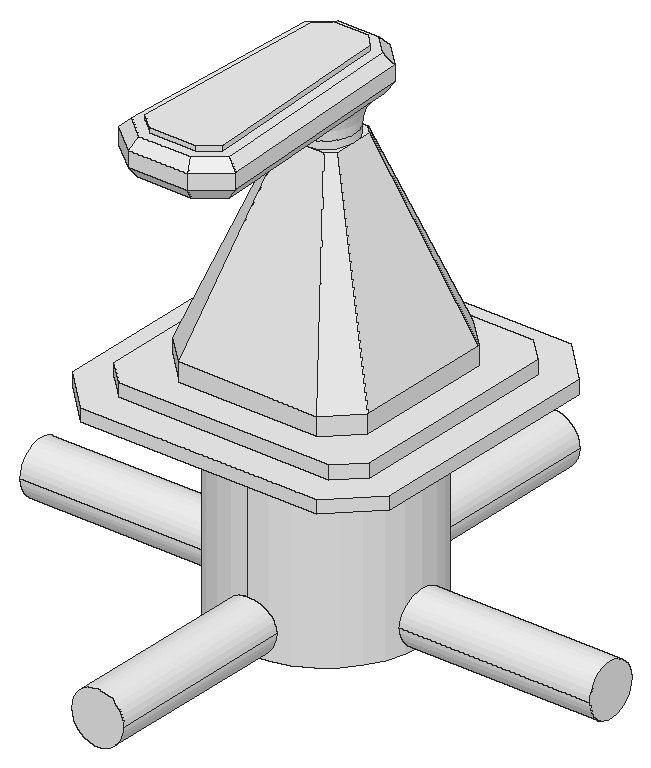
Revit family "Diverter_Valve_Trim-DXV-Belshire-D35170434_Series", category Plumbing Fixtures, host Face, Revit 2019
Family settings
  Host = Face
  Round Connector Dimension = Use Diameter
  Part Type = Normal
  OmniClass Number = 23.45.05.14.17
  OmniClass Title = Showers
  Cut with Voids When Loaded = No
  Shared = Yes
  Room Calculation Point = No
Parameters (values of type "D35170430.100")
  Width = 3"
  Waste Connection = no
  Warranty Information = "Limited Lifetime Warranty"
  WFU = 4
  Vent Connection = no
  URL = "https://www.dxv.com/en"
  Type Comments = ""
  Tempered Water Connection Radius = 1/4"
  Tempered Water Connection Diameter = Tempered Water Connection Radius * 2  # 1/2"
  Tempered Water Connection = yes
  Product Page URL = "https://www.dxv.com/diverters-other-valves-and-trims/belshire-3-2-or-4-3-diverter-valve-trim-only-with-cross-handle/polished-chrome-d35170434100"
  Product Documentation Link = "https://lixil.cdn.celum.cloud/145218_spec_DXV_Belshire_32-43_diverter_D3517043X_original.pdf"
  Model = "D35170430.100"
  Material = "Cast Brass-DXV-100-Polished Chrome"
  Manufacturer = "DXV"
  Lever Handle (ADA) = yes
  Installation Type = "Wall Mounted"
  Hot Water Connection Radius = 1/4"
  Hot Water Connection Diameter = Hot Water Connection Radius * 2  # 1/2"
  Height = 3 1/16"
  HWFU = 3
  HW Connection = yes
  Finish = Cast Brass-DXV-100-Polished Chrome
  Description = "Belshire® 3/2 or 4/3 Diverter Valve Trim Only with Cross Handle"  # constant formula
  Default Elevation = 48"
  Cushion Handle = no
  Cross Handle = no
  Creation Date = "05/24/2024"  # constant formula
  Compliance Certifications = "Meets or Exceeds ASME A112.18.1/CSA B125.1"
  Cold Water Connection Radius = 1/4"
  Cold Water Connection Diameter = Cold Water Connection Radius * 2  # 1/2"
  CWFU = 3
  CW Connection = yes
  Assembly Code = "D2010710"
  ADA Compliant = yes
  4/3 Port Diverter Rough Valve Only  D35000430.191 = no
  3/2 Port Diverter Rough Valve Only  D35000420.191 = no
Types (13): name | Model | Material | Lever Handle (ADA) | Finish | Cushion Handle | Cross Handle
  (no name) | "D35170430.100" | "Cast Brass-DXV-100-Polished Chrome" | yes | Cast Brass-DXV-100-Polished Chrome | no | no
  D35170430.100 | "D35170430.100" | "Cast Brass-DXV-100-Polished Chrome" | yes | Cast Brass-DXV-100-Polished Chrome | no | no
  D35170430.144 | "D35170430.144" | "Cast Brass-DXV-144-Brushed Nickel" | yes | Cast Brass-DXV-144-Brushed Nickel | no | no
  D35170430.150 | "D35170430.150" | "Cast Brass-DXV-150-Platinum Nickel" | yes | Cast Brass-DXV-150-Platinum Nickel | no | no
  D35170430.427 | "D35170430.427" | "Cast Brass-DXV-427-Satin Brass" | yes | Cast Brass-DXV-427-Satin Brass | no | no
  D35170434.100 | "D35170434.100" | "Cast Brass-DXV-100-Polished Chrome" | no | Cast Brass-DXV-100-Polished Chrome | no | yes
  D35170434.144 | "D35170434.144" | "Cast Brass-DXV-144-Brushed Nickel" | no | Cast Brass-DXV-144-Brushed Nickel | no | yes
  D35170434.150 | "D35170434.150" | "Cast Brass-DXV-150-Platinum Nickel" | no | Cast Brass-DXV-150-Platinum Nickel | no | yes
  D35170434.427 | "D35170434.427" | "Cast Brass-DXV-427-Satin Brass" | no | Cast Brass-DXV-427-Satin Brass | no | yes
  D35170437.100 | "D35170437.100" | "Cast Brass-DXV-100-Polished Chrome" | no | Cast Brass-DXV-100-Polished Chrome | yes | no
  D35170437.144 | "D35170437.144" | "Cast Brass-DXV-144-Brushed Nickel" | no | Cast Brass-DXV-144-Brushed Nickel | yes | no
  D35170437.150 | "D35170437.150" | "Cast Brass-DXV-150-Platinum Nickel" | no | Cast Brass-DXV-150-Platinum Nickel | yes | no
  D35170437.427 | "D35170437.427" | "Cast Brass-DXV-427-Satin Brass" | no | Cast Brass-DXV-427-Satin Brass | yes | no
Reference planes (in)
  plane 1 "Center (Front/Back)": y = 0
  plane 2: z = 0
  plane 3 "Center (Left/Right)": x = 0
  plane 4: z = 3
  plane 5: z = 0.68917
  plane 6: z = 2.23712
  plane 7: z = 2.60963
  plane 8: z = 2.95747
  plane 9: z = -1.625
  plane 10: y = 1.53125
  plane 11: y = -1.53125
  plane 12: x = -1.53125
  plane 13: x = 1.53125
  plane 14: y = -1.375
  plane 15: y = 1.375
  plane 16: y = -0.8125
  plane 17: y = 0.8125
Forms (in)
  Extrusion 1, solid, material "Cast Brass-DXV-100-Polished Chrome" <- "Finish"
    sketch origin (0, 0, 0) x (1, 0, 0) y (0, 1, 0)
      loop
        line (-0.66851, 0.93943) -> (-0.9375, 0.67043) -> (-0.9375, -0.67043) -> (-0.66851, -0.93943) -> (0.66851, -0.93943) -> (0.9375, -0.67043) -> (0.9375, 0.67043) -> (0.66851, 0.93943) -> (-0.66851, 0.93943)
    from 0.125 to 0.42
  Blend 2, solid, material "Cast Brass-DXV-100-Polished Chrome" <- "Finish"
    base sketch origin (0, 0, 0) x (1, 0, 0) y (0, 1, 0)
      loop
        line (-0.66851, 0.93943) -> (-0.9375, 0.67043) -> (-0.9375, -0.67043) -> (-0.66851, -0.93943) -> (0.66851, -0.93943) -> (0.9375, -0.67043) -> (0.9375, 0.67043) -> (0.66851, 0.93943) -> (-0.66851, 0.93943)
    top sketch origin (0, 0, 0) x (1, 0, 0) y (0, 1, 0)
      loop
        line (-0.19279, 0.27092) -> (-0.27036, 0.19335) -> (-0.27036, -0.19335) -> (-0.19279, -0.27092) -> (0.19279, -0.27092) -> (0.27036, -0.19335) -> (0.27036, 0.19335) -> (0.19279, 0.27092) -> (-0.19279, 0.27092)
    from 0.42 to 2.23712
  Revolve 3, solid, material "Cast Brass-DXV-100-Polished Chrome" <- "Finish", visible <- "Cross Handle"
    sketch origin (0, 0, 0) x (0, 1, 0) y (0, 0, 1)
      loop
        line (0, 2.23712) -> (0.27092, 2.23712) -> (0.27092, 2.30907)
        arc (0.27092, 2.30907) -> (0.30443, 2.47254) -> (0.39956, 2.60963) r 0.41545
        line (0.39956, 2.60963) -> (0, 2.60963) -> (0, 2.23712)
      axis (0, 2.23712) -> (0, 2.60963)
    angle from 0 to 360
  Extrusion 4, solid, material "Cast Brass-DXV-100-Polished Chrome" <- "Finish"
    sketch origin (0, 0, 0) x (0, 1, 0) y (0, 0, 1)
      loop
        circle (0, -1.625) r 0.25
    from -2.75 to 2.75
  Extrusion 5, solid, material "Cast Brass-DXV-100-Polished Chrome" <- "Finish"
    sketch origin (0, 0, 0) x (1, 0, 0) y (0, 0, 1)
      loop
        circle (0, -1.625) r 0.25
    from -2.75 to 2.75
  Extrusion 6, solid, material "Cast Brass-DXV-100-Polished Chrome" <- "Finish", visible <- "Cross Handle"
    sketch origin (0, 0, 0) x (1, 0, 0) y (0, 1, 0)
      loop
        line (1.375, -0.16246) -> (1.375, 0.16246) -> (1.11959, 0.35493) -> (0.36438, 0.27882)
        arc (0.36438, 0.27882) -> (0.30131, 0.30131) -> (0.27882, 0.36438) r 0.07813
        line (0.27882, 0.36438) -> (0.35493, 1.11959) -> (0.16246, 1.375) -> (-0.16246, 1.375) -> (-0.35493, 1.11959) -> (-0.27882, 0.36438)
        arc (-0.27882, 0.36438) -> (-0.30131, 0.30131) -> (-0.36438, 0.27882) r 0.07813
        line (-0.36438, 0.27882) -> (-1.11959, 0.35493) -> (-1.375, 0.16246) -> (-1.375, -0.16246) -> (-1.11959, -0.35493) -> (-0.36438, -0.27882)
        arc (-0.36438, -0.27882) -> (-0.30131, -0.30131) -> (-0.27882, -0.36438) r 0.07813
        line (-0.27882, -0.36438) -> (-0.35493, -1.11959) -> (-0.16246, -1.375) -> (0.16246, -1.375) -> (0.35493, -1.11959) -> (0.27882, -0.36438)
        arc (0.27882, -0.36438) -> (0.30131, -0.30131) -> (0.36438, -0.27882) r 0.07813
        line (0.36438, -0.27882) -> (1.11959, -0.35493) -> (1.375, -0.16246)
    from 2.60963 to 2.95747
  Sweep 7, void
    path in 3D
      loop
        line (-0.16246, 1.375, 2.95747) -> (-0.35493, 1.11959, 2.95747) -> (-0.27882, 0.36438, 2.95747)
        arc (-0.27882, 0.36438, 2.95747) -> (-0.30131, 0.30131, 2.95747) -> (-0.36438, 0.27882, 2.95747) r 0.07813
        line (-0.36438, 0.27882, 2.95747) -> (-1.11959, 0.35493, 2.95747) -> (-1.375, 0.16246, 2.95747) -> (-1.375, -0.16246, 2.95747) -> (-1.11959, -0.35493, 2.95747) -> (-0.36438, -0.27882, 2.95747)
        arc (-0.36438, -0.27882, 2.95747) -> (-0.30131, -0.30131, 2.95747) -> (-0.27882, -0.36438, 2.95747) r 0.07813
        line (-0.27882, -0.36438, 2.95747) -> (-0.35493, -1.11959, 2.95747) -> (-0.16246, -1.375, 2.95747) -> (0.16246, -1.375, 2.95747) -> (0.35493, -1.11959, 2.95747) -> (0.27882, -0.36438, 2.95747)
        arc (0.27882, -0.36438, 2.95747) -> (0.30131, -0.30131, 2.95747) -> (0.36438, -0.27882, 2.95747) r 0.07813
        line (0.36438, -0.27882, 2.95747) -> (1.11959, -0.35493, 2.95747) -> (1.375, -0.16246, 2.95747) -> (1.375, 0.16246, 2.95747) -> (1.11959, 0.35493, 2.95747) -> (0.36438, 0.27882, 2.95747)
        arc (0.36438, 0.27882, 2.95747) -> (0.30131, 0.30131, 2.95747) -> (0.27882, 0.36438, 2.95747) r 0.07813
        line (0.27882, 0.36438, 2.95747) -> (0.35493, 1.11959, 2.95747) -> (0.16246, 1.375, 2.95747) -> (-0.16246, 1.375, 2.95747)
    profile origin (0, 1.375, 2.95747) x (0, -1, 0) y (0, 0, 1)
      loop
        line (0, 0) -> (0, -0.08669) -> (0.08084, 0) -> (0, 0)
  Sweep 8, void
    path in 3D
      loop
        line (0.16246, 1.375, 2.60963) -> (0.35493, 1.11959, 2.60963) -> (0.27882, 0.36438, 2.60963)
        arc (0.27882, 0.36438, 2.60963) -> (0.30131, 0.30131, 2.60963) -> (0.36438, 0.27882, 2.60963) r 0.07813
        line (0.36438, 0.27882, 2.60963) -> (1.11959, 0.35493, 2.60963) -> (1.375, 0.16246, 2.60963) -> (1.375, -0.16246, 2.60963) -> (1.11959, -0.35493, 2.60963) -> (0.36438, -0.27882, 2.60963)
        arc (0.36438, -0.27882, 2.60963) -> (0.30131, -0.30131, 2.60963) -> (0.27882, -0.36438, 2.60963) r 0.07813
        line (0.27882, -0.36438, 2.60963) -> (0.35493, -1.11959, 2.60963) -> (0.16246, -1.375, 2.60963) -> (-0.16246, -1.375, 2.60963) -> (-0.35493, -1.11959, 2.60963) -> (-0.27882, -0.36438, 2.60963)
        arc (-0.27882, -0.36438, 2.60963) -> (-0.30131, -0.30131, 2.60963) -> (-0.36438, -0.27882, 2.60963) r 0.07813
        line (-0.36438, -0.27882, 2.60963) -> (-1.11959, -0.35493, 2.60963) -> (-1.375, -0.16246, 2.60963) -> (-1.375, 0.16246, 2.60963) -> (-1.11959, 0.35493, 2.60963) -> (-0.36438, 0.27882, 2.60963)
        arc (-0.36438, 0.27882, 2.60963) -> (-0.30131, 0.30131, 2.60963) -> (-0.27882, 0.36438, 2.60963) r 0.07813
        line (-0.27882, 0.36438, 2.60963) -> (-0.35493, 1.11959, 2.60963) -> (-0.16246, 1.375, 2.60963) -> (0.16246, 1.375, 2.60963)
    profile origin (0, 1.375, 2.60963) x (0, -1, 0) y (0, 0, -1)
      loop
        line (0, 0) -> (0, -0.10246) -> (0.05916, 0) -> (0, 0)
  Extrusion 9, solid, material "Cast Brass-DXV-100-Polished Chrome" <- "Finish", visible <- "Cross Handle"
    sketch origin (0, 0, 0) x (1, 0, 0) y (0, 1, 0)
      loop
        line (-0.17437, 1.0691) -> (-0.10511, 0.38189)
        arc (-0.10511, 0.38189) -> (-0.17785, 0.17785) -> (-0.38189, 0.10511) r 0.25272
        line (-0.38189, 0.10511) -> (-1.0691, 0.17437) -> (-1.20041, 0.07542) -> (-1.20041, -0.07542) -> (-1.0691, -0.17437) -> (-0.38189, -0.10511)
        arc (-0.38189, -0.10511) -> (-0.17785, -0.17785) -> (-0.10511, -0.38189) r 0.25272
        line (-0.10511, -0.38189) -> (-0.17437, -1.0691) -> (-0.07542, -1.20041) -> (0.07542, -1.20041) -> (0.17437, -1.0691) -> (0.10511, -0.38189)
        arc (0.10511, -0.38189) -> (0.17785, -0.17785) -> (0.38189, -0.10511) r 0.25272
        line (0.38189, -0.10511) -> (1.0691, -0.17437) -> (1.20041, -0.07542) -> (1.20041, 0.07542) -> (1.0691, 0.17437) -> (0.38189, 0.10511)
        arc (0.38189, 0.10511) -> (0.17785, 0.17785) -> (0.10511, 0.38189) r 0.25272
        line (0.10511, 0.38189) -> (0.17437, 1.0691) -> (0.07542, 1.20041) -> (-0.07542, 1.20041) -> (-0.17437, 1.0691)
    from 2.95747 to 3
  Revolve 10, solid, material "Cast Brass-DXV-100-Polished Chrome" <- "Finish"
    sketch origin (0, 0, 0) x (0, 1, 0) y (0, 0, 1)
      loop
        line (0.93943, 0) -> (0, 0) -> (0, -1.875) -> (0.93943, -1.875) -> (0.93943, 0)
      axis (0, 0) -> (0, -1.875)
    angle from 0 to 360
  Sweep 11, solid, material "Cast Brass-DXV-100-Polished Chrome" <- "Finish"
    path origin (0, 0, 0) x (1, 0, 0) y (0, 1, 0)
      loop
        line (-1.13734, 1.53125) -> (-1.53125, 1.13734) -> (-1.53125, -1.13734) -> (-1.13734, -1.53125) -> (1.13734, -1.53125) -> (1.53125, -1.13734) -> (1.53125, 1.13734) -> (1.13734, 1.53125) -> (-1.13734, 1.53125)
    profile origin (0, 1.53125, 0) x (0, 1, 0) y (0, 0, 1)
      loop
        line (0, 0) -> (0, 0.125) -> (-0.29591, 0.125) -> (-0.29591, 0.25) -> (-0.64345, 0.25) -> (-0.64345, 0) -> (0, 0)
  Extrusion 12, solid, material "Cast Brass-DXV-100-Polished Chrome" <- "Finish"
    sketch origin (0, 0, 0) x (1, 0, 0) y (0, 1, 0)
      loop
        line (0.8878, -0.8878) -> (0.8878, 0.8878) -> (-0.8878, 0.8878) -> (-0.8878, -0.8878) -> (0.8878, -0.8878)
    from 0 to 0.25
  Revolve 13, solid, material "Cast Brass-DXV-100-Polished Chrome" <- "Finish", visible <- "Lever Handle (ADA)"
    sketch origin (0, 0, 0) x (0, 1, 0) y (0, 0, 1)
      loop
        line (0, 2.23712) -> (0.27092, 2.23712) -> (0.27092, 2.30907)
        arc (0.27092, 2.30907) -> (0.30443, 2.47254) -> (0.39956, 2.60963) r 0.41545
        line (0.39956, 2.60963) -> (0, 2.60963) -> (0, 2.23712)
      axis (0, 2.23712) -> (0, 2.60963)
    angle from 0 to 360
  Extrusion 14, solid, material "Cast Brass-DXV-100-Polished Chrome" <- "Finish", visible <- "Lever Handle (ADA)"
    sketch origin (0, 0, 0) x (1, 0, 0) y (0, 1, 0)
      loop
        line (-0.46351, 0.25506) -> (-0.56122, -1.79105) -> (-0.28313, -2.0244) -> (0.28313, -2.0244) -> (0.56122, -1.79105) -> (0.46351, 0.25506) -> (0.23513, 0.4756) -> (-0.23513, 0.4756) -> (-0.46351, 0.25506)
    from 2.60963 to 2.95747
  Sweep 15, void
    path in 3D
      loop
        line (-0.23513, 0.4756, 2.95747) -> (-0.46351, 0.25506, 2.95747) -> (-0.56122, -1.79105, 2.95747) -> (-0.28313, -2.0244, 2.95747) -> (0.28313, -2.0244, 2.95747) -> (0.56122, -1.79105, 2.95747) -> (0.46351, 0.25506, 2.95747) -> (0.23513, 0.4756, 2.95747) -> (-0.23513, 0.4756, 2.95747)
    profile origin (0, 0.4756, 2.95747) x (0, -1, 0) y (0, 0, 1)
      loop
        line (0, 0) -> (0, -0.09397) -> (0.08461, 0) -> (0, 0)
  Sweep 16, void
    path in 3D
      loop
        line (0.23513, 0.4756, 2.60963) -> (0.46351, 0.25506, 2.60963) -> (0.56122, -1.79105, 2.60963) -> (0.28313, -2.0244, 2.60963) -> (-0.28313, -2.0244, 2.60963) -> (-0.56122, -1.79105, 2.60963) -> (-0.46351, 0.25506, 2.60963) -> (-0.23513, 0.4756, 2.60963) -> (0.23513, 0.4756, 2.60963)
    profile origin (0, 0.4756, 2.60963) x (0, -1, 0) y (0, 0, -1)
      loop
        line (0, 0) -> (0, -0.10467) -> (0.07605, 0) -> (0, 0)
  Extrusion 17, solid, material "Cast Brass-DXV-100-Polished Chrome" <- "Finish", visible <- "Lever Handle (ADA)"
    sketch origin (0, 0, 0) x (1, 0, 0) y (0, 1, 0)
      loop
        line (-0.28872, 0.17589) -> (-0.37884, -1.71125) -> (-0.21821, -1.84603) -> (0.21821, -1.84603) -> (0.37884, -1.71125) -> (0.28872, 0.17589) -> (0.16307, 0.29724) -> (-0.16307, 0.29724) -> (-0.28872, 0.17589)
    from 2.95747 to 3
  Revolve 18, solid, material "Cast Brass-DXV-100-Polished Chrome" <- "Finish", visible <- "Cushion Handle"
    sketch origin (0, 0, 0) x (0, 1, 0) y (0, 0, 1)
      loop
        line (0, 2.23712) -> (0.27092, 2.23712) -> (0.27092, 2.30907)
        arc (0.27092, 2.30907) -> (0.30443, 2.47254) -> (0.39956, 2.60963) r 0.41545
        line (0.39956, 2.60963) -> (0, 2.60963) -> (0, 2.23712)
      axis (0, 2.23712) -> (0, 2.60963)
    angle from 0 to 360
  Extrusion 19, solid, material "Cast Brass-DXV-100-Polished Chrome" <- "Finish", visible <- "Cushion Handle"
    sketch origin (0, 0, 0) x (1, 0, 0) y (0, 1, 0)
      loop
        line (-0.61131, 0.8125) -> (-0.8125, 0.61131) -> (-0.8125, -0.61131) -> (-0.61131, -0.8125) -> (0.61131, -0.8125) -> (0.8125, -0.61131) -> (0.8125, 0.61131) -> (0.61131, 0.8125) -> (-0.61131, 0.8125)
    from 2.60963 to 3
  Sweep 20, void
    path in 3D
      loop
        line (-0.61131, 0.8125, 3) -> (-0.8125, 0.61131, 3) -> (-0.8125, -0.61131, 3) -> (-0.61131, -0.8125, 3) -> (0.61131, -0.8125, 3) -> (0.8125, -0.61131, 3) -> (0.8125, 0.61131, 3) -> (0.61131, 0.8125, 3) -> (-0.61131, 0.8125, 3)
    profile origin (0, 0.8125, 3) x (0, -1, 0) y (0, 0, 1)
      loop
        line (0, 0) -> (0, -0.08852) -> (0.08255, 0) -> (0, 0)
  Sweep 21, void
    path in 3D
      loop
        line (0.61131, 0.8125, 2.60963) -> (0.8125, 0.61131, 2.60963) -> (0.8125, -0.61131, 2.60963) -> (0.61131, -0.8125, 2.60963) -> (-0.61131, -0.8125, 2.60963) -> (-0.8125, -0.61131, 2.60963) -> (-0.8125, 0.61131, 2.60963) -> (-0.61131, 0.8125, 2.60963) -> (0.61131, 0.8125, 2.60963)
    profile origin (0, 0.8125, 2.60963) x (0, -1, 0) y (0, 0, -1)
      loop
        line (0, 0) -> (0, -0.08785) -> (0.05072, 0) -> (0, 0)
  Extrusion 22, solid, material "Cast Brass-DXV-100-Polished Chrome" <- "Finish", visible <- "Cushion Handle"
    sketch origin (0, 0, 0) x (1, 0, 0) y (0, 1, 0)
      loop
        line (-0.48651, 0.5112) -> (-0.5112, 0.48651) -> (-0.5112, -0.48651) -> (-0.48651, -0.5112) -> (0.48651, -0.5112) -> (0.5112, -0.48651) -> (0.5112, 0.48651) -> (0.48651, 0.5112) -> (-0.48651, 0.5112)
    from 2.95747 to 3
Cuts and joins
  Sweep 7, Sweep 8 cuts Revolve 3
  Sweep 7, Sweep 8 cuts Extrusion 6
  joined: Revolve 3, Extrusion 6, Extrusion 9
  joined: Extrusion 1, Blend 2, Extrusion 4, Extrusion 5, Revolve 10
  joined: Sweep 11, Extrusion 12
  Sweep 15, Sweep 16 cuts Extrusion 14
  Sweep 20, Sweep 21 cuts Extrusion 19
Lines and regions (in)
  Masking region 1
    outline origin (0, 0, 0) x (1, 0, 0) y (0, 0, 1)
      loop
        line (-1.53125, 0) -> (1.53125, 0) -> (1.53125, 0.125) -> (1.23534, 0.125) -> (1.23534, 0.25) -> (0.9375, 0.25) -> (0.9375, 0.42) -> (0.27036, 2.23712)
        arc (0.27036, 2.23712) -> (0.29204, 2.43826) -> (0.39956, 2.60963) r 0.45042
        line (0.39956, 2.60963) -> (1.31584, 2.60963) -> (1.375, 2.71209) -> (1.375, 2.87078) -> (1.29416, 2.95747) -> (1.20041, 2.95747) -> (1.20041, 3) -> (-1.20041, 3) -> (-1.20041, 2.95747) -> (-1.29416, 2.95747) -> (-1.375, 2.87078) -> (-1.375, 2.71209) -> (-1.31584, 2.60963) -> (-0.39956, 2.60963)
        arc (-0.39956, 2.60963) -> (-0.29189, 2.43831) -> (-0.27036, 2.23712) r 0.44908
        line (-0.27036, 2.23712) -> (-0.9375, 0.42) -> (-0.9375, 0.25) -> (-1.23534, 0.25) -> (-1.23534, 0.125) -> (-1.53125, 0.125) -> (-1.53125, 0)
  Masking region 2, detail levels medium+fine
    outline origin (0, 0, 0) x (1, 0, 0) y (0, 0, 1)
      loop
        line (0.9375, -1.375) -> (0.9375, 0) -> (-0.9375, 0) -> (-0.9375, -1.375) -> (-2.75, -1.375) -> (-2.75, -1.875) -> (2.75, -1.875) -> (2.75, -1.375) -> (0.9375, -1.375)
  symbolic lines, detail levels medium+fine
    curve 1: line (0.27092, 0, 2.23712) -> (-0.27036, 0, 2.23712)
    curve 54: line (0.39956, 0, 2.60963) -> (-0.39956, 0, 2.60963)
    curve 55: line (1.20041, 0, 2.95747) -> (-1.20041, 0, 2.95747)
    curve 56: line (0.35493, 0, 2.87078) -> (0.27132, 0, 2.95747)
    curve 57: line (0.35493, 0, 2.71209) -> (0.35493, 0, 2.87078)
    curve 58: line (0.35493, 0, 2.71209) -> (0.29375, 0, 2.60963)
    curve 59: line (-0.35493, 0, 2.87078) -> (-0.27132, 0, 2.95747)
    curve 60: line (-0.35493, 0, 2.71209) -> (-0.35493, 0, 2.87078)
    curve 61: line (-0.35493, 0, 2.71209) -> (-0.29375, 0, 2.60963)
    curve 62: line (0.17437, 0, 2.95747) -> (0.17437, 0, 3)
    curve 63: line (-0.17437, 0, 2.95747) -> (-0.17437, 0, 3)
    curve 94: line (0.9375, 0, 0) -> (-0.9375, 0, 0)
    curve 127: line (0.9375, 0, 0.25) -> (-0.9375, 0, 0.25)
    curve 128: line (1.23534, 0, 0.125) -> (-1.23534, 0, 0.125)
  symbolic lines, detail levels fine
    curve 2: line (0.66851, 0, 0.42) -> (0.66851, 0, 0.25)
    curve 3: line (-0.66851, 0, 0.25) -> (-0.66851, 0, 0.42)
    curve 4: line (0.66851, 0, 0.42) -> (0.19279, 0, 2.23712)
    curve 5: line (-0.66851, 0, 0.42) -> (-0.19279, 0, 2.23712)
    curve 64: line (1.0691, 0, 2.95747) -> (1.0691, 0, 3)
    curve 65: line (0.07542, 0, 2.95747) -> (0.07542, 0, 3)
    curve 66: line (-0.07542, 0, 2.95747) -> (-0.07542, 0, 3)
    curve 67: line (-1.0691, 0, 2.95747) -> (-1.0691, 0, 3)
    curve 68: line (1.11959, 0, 2.87078) -> (1.09621, 0, 2.95747)
    curve 69: line (1.11959, 0, 2.71209) -> (1.11959, 0, 2.87078)
    curve 70: line (1.11959, 0, 2.71209) -> (1.10248, 0, 2.60963)
    curve 71: line (0.16246, 0, 2.87078) -> (0.12216, 0, 2.95747)
    curve 72: line (0.16246, 0, 2.71209) -> (0.16246, 0, 2.87078)
    curve 73: line (0.13297, 0, 2.60963) -> (0.16246, 0, 2.71209)
    curve 74: line (-0.12216, 0, 2.95747) -> (-0.16246, 0, 2.87078)
    curve 75: line (-0.16246, 0, 2.71209) -> (-0.16246, 0, 2.87078)
    curve 76: line (-0.16246, 0, 2.71209) -> (-0.13297, 0, 2.60963)
    curve 77: line (-1.11959, 0, 2.87078) -> (-1.09621, 0, 2.95747)
    curve 78: line (-1.11959, 0, 2.71209) -> (-1.11959, 0, 2.87078)
    curve 79: line (-1.11959, 0, 2.71209) -> (-1.10248, 0, 2.60963)
    curve 80: line (-1.11959, 0, 2.71209) -> (-1.375, 0, 2.71209)
    curve 81: line (-1.375, 0, 2.87078) -> (-1.11959, 0, 2.87078)
    curve 82: line (-1.11959, 0, 2.87078) -> (-0.35493, 0, 2.87078)
    curve 83: line (-0.35493, 0, 2.71209) -> (-1.11959, 0, 2.71209)
    curve 84: line (1.11959, 0, 2.87078) -> (1.375, 0, 2.87078)
    curve 85: line (1.375, 0, 2.71209) -> (1.11959, 0, 2.71209)
    curve 86: line (0.35493, 0, 2.87078) -> (1.11959, 0, 2.87078)
    curve 87: line (1.11959, 0, 2.71209) -> (0.35493, 0, 2.71209)
    curve 88: line (0.16246, 0, 2.87078) -> (0.35493, 0, 2.87078)
    curve 89: line (-0.16246, 0, 2.87078) -> (0.16246, 0, 2.87078)
    curve 90: line (-0.35493, 0, 2.87078) -> (-0.16246, 0, 2.87078)
    curve 91: line (-0.16246, 0, 2.71209) -> (-0.35493, 0, 2.71209)
    curve 92: line (0.16246, 0, 2.71209) -> (-0.16246, 0, 2.71209)
    curve 93: line (0.35493, 0, 2.71209) -> (0.16246, 0, 2.71209)
  sketch lines
    curve 6: line (0.16246, 1.375, 2.95747) -> (-0.16246, 1.375, 2.95747)
    curve 7: line (0.35493, 1.11959, 2.95747) -> (0.16246, 1.375, 2.95747)
    curve 8: line (0.27882, 0.36438, 2.95747) -> (0.35493, 1.11959, 2.95747)
    curve 9: arc (0.27882, 0.36438, 2.95747) -> (0.30131, 0.30131, 2.95747) -> (0.36438, 0.27882, 2.95747) r 0.07813
    curve 10: line (1.11959, 0.35493, 2.95747) -> (0.36438, 0.27882, 2.95747)
    curve 11: line (1.375, 0.16246, 2.95747) -> (1.11959, 0.35493, 2.95747)
    curve 12: line (1.375, -0.16246, 2.95747) -> (1.375, 0.16246, 2.95747)
    curve 13: line (1.11959, -0.35493, 2.95747) -> (1.375, -0.16246, 2.95747)
    curve 14: line (0.36438, -0.27882, 2.95747) -> (1.11959, -0.35493, 2.95747)
    curve 15: arc (0.36438, -0.27882, 2.95747) -> (0.30131, -0.30131, 2.95747) -> (0.27882, -0.36438, 2.95747) r 0.07813
    curve 16: line (0.35493, -1.11959, 2.95747) -> (0.27882, -0.36438, 2.95747)
    curve 17: line (0.16246, -1.375, 2.95747) -> (0.35493, -1.11959, 2.95747)
    curve 18: line (-0.16246, -1.375, 2.95747) -> (0.16246, -1.375, 2.95747)
    curve 19: line (-0.35493, -1.11959, 2.95747) -> (-0.16246, -1.375, 2.95747)
    curve 20: line (-0.27882, -0.36438, 2.95747) -> (-0.35493, -1.11959, 2.95747)
    curve 21: arc (-0.27882, -0.36438, 2.95747) -> (-0.30131, -0.30131, 2.95747) -> (-0.36438, -0.27882, 2.95747) r 0.07813
    curve 22: line (-1.11959, -0.35493, 2.95747) -> (-0.36438, -0.27882, 2.95747)
    curve 23: line (-1.375, -0.16246, 2.95747) -> (-1.11959, -0.35493, 2.95747)
    curve 24: line (-1.375, 0.16246, 2.95747) -> (-1.375, -0.16246, 2.95747)
    curve 25: line (-1.11959, 0.35493, 2.95747) -> (-1.375, 0.16246, 2.95747)
    curve 26: line (-0.36438, 0.27882, 2.95747) -> (-1.11959, 0.35493, 2.95747)
    curve 27: arc (-0.36438, 0.27882, 2.95747) -> (-0.30131, 0.30131, 2.95747) -> (-0.27882, 0.36438, 2.95747) r 0.07813
    curve 28: line (-0.35493, 1.11959, 2.95747) -> (-0.27882, 0.36438, 2.95747)
    curve 29: line (-0.16246, 1.375, 2.95747) -> (-0.35493, 1.11959, 2.95747)
    curve 30: line (-0.16246, 1.375, 2.60963) -> (0.16246, 1.375, 2.60963)
    curve 31: line (0.16246, 1.375, 2.60963) -> (0.35493, 1.11959, 2.60963)
    curve 32: line (0.35493, 1.11959, 2.60963) -> (0.27882, 0.36438, 2.60963)
    curve 33: arc (0.36438, 0.27882, 2.60963) -> (0.30131, 0.30131, 2.60963) -> (0.27882, 0.36438, 2.60963) r 0.07813
    curve 34: line (0.36438, 0.27882, 2.60963) -> (1.11959, 0.35493, 2.60963)
    curve 35: line (1.11959, 0.35493, 2.60963) -> (1.375, 0.16246, 2.60963)
    curve 36: line (1.375, 0.16246, 2.60963) -> (1.375, -0.16246, 2.60963)
    curve 37: line (1.375, -0.16246, 2.60963) -> (1.11959, -0.35493, 2.60963)
    curve 38: line (1.11959, -0.35493, 2.60963) -> (0.36438, -0.27882, 2.60963)
    curve 39: arc (0.27882, -0.36438, 2.60963) -> (0.30131, -0.30131, 2.60963) -> (0.36438, -0.27882, 2.60963) r 0.07813
    curve 40: line (0.27882, -0.36438, 2.60963) -> (0.35493, -1.11959, 2.60963)
    curve 41: line (0.35493, -1.11959, 2.60963) -> (0.16246, -1.375, 2.60963)
    curve 42: line (0.16246, -1.375, 2.60963) -> (-0.16246, -1.375, 2.60963)
    curve 43: line (-0.16246, -1.375, 2.60963) -> (-0.35493, -1.11959, 2.60963)
    curve 44: line (-0.35493, -1.11959, 2.60963) -> (-0.27882, -0.36438, 2.60963)
    curve 45: arc (-0.36438, -0.27882, 2.60963) -> (-0.30131, -0.30131, 2.60963) -> (-0.27882, -0.36438, 2.60963) r 0.07813
    curve 46: line (-0.36438, -0.27882, 2.60963) -> (-1.11959, -0.35493, 2.60963)
    curve 47: line (-1.11959, -0.35493, 2.60963) -> (-1.375, -0.16246, 2.60963)
    curve 48: line (-1.375, -0.16246, 2.60963) -> (-1.375, 0.16246, 2.60963)
    curve 49: line (-1.375, 0.16246, 2.60963) -> (-1.11959, 0.35493, 2.60963)
    curve 50: line (-1.11959, 0.35493, 2.60963) -> (-0.36438, 0.27882, 2.60963)
    curve 51: arc (-0.27882, 0.36438, 2.60963) -> (-0.30131, 0.30131, 2.60963) -> (-0.36438, 0.27882, 2.60963) r 0.07813
    curve 52: line (-0.27882, 0.36438, 2.60963) -> (-0.35493, 1.11959, 2.60963)
    curve 53: line (-0.35493, 1.11959, 2.60963) -> (-0.16246, 1.375, 2.60963)
    curve 95: line (0.23513, 0.4756, 2.95747) -> (-0.23513, 0.4756, 2.95747)
    curve 96: line (-0.23513, 0.4756, 2.95747) -> (-0.46351, 0.25506, 2.95747)
    curve 97: line (-0.46351, 0.25506, 2.95747) -> (-0.56122, -1.79105, 2.95747)
    curve 98: line (-0.56122, -1.79105, 2.95747) -> (-0.28313, -2.0244, 2.95747)
    curve 99: line (-0.28313, -2.0244, 2.95747) -> (0.28313, -2.0244, 2.95747)
    curve 100: line (0.28313, -2.0244, 2.95747) -> (0.56122, -1.79105, 2.95747)
    curve 101: line (0.56122, -1.79105, 2.95747) -> (0.46351, 0.25506, 2.95747)
    curve 102: line (0.46351, 0.25506, 2.95747) -> (0.23513, 0.4756, 2.95747)
    curve 103: line (-0.23513, 0.4756, 2.60963) -> (0.23513, 0.4756, 2.60963)
    curve 104: line (-0.46351, 0.25506, 2.60963) -> (-0.23513, 0.4756, 2.60963)
    curve 105: line (-0.56122, -1.79105, 2.60963) -> (-0.46351, 0.25506, 2.60963)
    curve 106: line (-0.28313, -2.0244, 2.60963) -> (-0.56122, -1.79105, 2.60963)
    curve 107: line (0.28313, -2.0244, 2.60963) -> (-0.28313, -2.0244, 2.60963)
    curve 108: line (0.56122, -1.79105, 2.60963) -> (0.28313, -2.0244, 2.60963)
    curve 109: line (0.46351, 0.25506, 2.60963) -> (0.56122, -1.79105, 2.60963)
    curve 110: line (0.23513, 0.4756, 2.60963) -> (0.46351, 0.25506, 2.60963)
    curve 111: line (0.61131, 0.8125, 3) -> (-0.61131, 0.8125, 3)
    curve 112: line (-0.61131, 0.8125, 3) -> (-0.8125, 0.61131, 3)
    curve 113: line (-0.8125, 0.61131, 3) -> (-0.8125, -0.61131, 3)
    curve 114: line (-0.8125, -0.61131, 3) -> (-0.61131, -0.8125, 3)
    curve 115: line (-0.61131, -0.8125, 3) -> (0.61131, -0.8125, 3)
    curve 116: line (0.61131, -0.8125, 3) -> (0.8125, -0.61131, 3)
    curve 117: line (0.8125, -0.61131, 3) -> (0.8125, 0.61131, 3)
    curve 118: line (0.8125, 0.61131, 3) -> (0.61131, 0.8125, 3)
    curve 119: line (-0.61131, 0.8125, 2.60963) -> (0.61131, 0.8125, 2.60963)
    curve 120: line (-0.8125, 0.61131, 2.60963) -> (-0.61131, 0.8125, 2.60963)
    curve 121: line (-0.8125, -0.61131, 2.60963) -> (-0.8125, 0.61131, 2.60963)
    curve 122: line (-0.61131, -0.8125, 2.60963) -> (-0.8125, -0.61131, 2.60963)
    curve 123: line (0.61131, -0.8125, 2.60963) -> (-0.61131, -0.8125, 2.60963)
    curve 124: line (0.8125, -0.61131, 2.60963) -> (0.61131, -0.8125, 2.60963)
    curve 125: line (0.8125, 0.61131, 2.60963) -> (0.8125, -0.61131, 2.60963)
    curve 126: line (0.61131, 0.8125, 2.60963) -> (0.8125, 0.61131, 2.60963)
Dimensions and locks (in)
  "Width": plane 4 to host face
  Extrusion 1 sketch curve to Extrusion 1 sketch curve to Extrusion 1 sketch curve to plane 3 "Center (Left/Right)" to Extrusion 1 sketch curve to Extrusion 1 sketch curve to Extrusion 1 sketch curve = 0.26899" locked, 0" locked, 0.66851" locked, 0.66851" locked, 0" locked, 0.26899" locked
  Extrusion 1 sketch curve to Extrusion 1 sketch curve to Extrusion 1 sketch curve to plane 1 "Center (Front/Back)" to Extrusion 1 sketch curve to Extrusion 1 sketch curve to Extrusion 1 sketch curve = 0.26899" locked, 0" locked, 0.67043" locked, 0.67043" locked, 0" locked, 0.26899" locked
  Blend 2 sketch curve to Blend 2 sketch curve to Blend 2 sketch curve to plane 3 "Center (Left/Right)" to Blend 2 sketch curve to Blend 2 sketch curve to Blend 2 sketch curve = 0.07757" locked, 0" locked, 0.19279" locked, 0.19279" locked, 0" locked, 0.07757" locked
  Blend 2 sketch curve to Blend 2 sketch curve to Blend 2 sketch curve to plane 1 "Center (Front/Back)" to Blend 2 sketch curve to Blend 2 sketch curve to Blend 2 sketch curve = 0.07757" locked, 0" locked, 0.19335" locked, 0.19335" locked, 0" locked, 0.07757" locked
  locked: Revolve 3 sketch curve to plane 1 "Center (Front/Back)" at 0.68637
  locked: Revolve 3 sketch curve to level at 2.30907
  locked: Revolve 3 sketch curve to plane 1 "Center (Front/Back)" at 0.27092
  locked: host face to plane 9 at 1.625
  Extrusion 6 sketch curve to Extrusion 6 sketch curve to Extrusion 6 sketch curve to Extrusion 6 sketch curve to Extrusion 6 sketch curve to Extrusion 6 sketch curve to Extrusion 6 sketch curve to Extrusion 6 sketch curve to Extrusion 6 sketch curve to Extrusion 6 sketch curve to Extrusion 6 sketch curve to Extrusion 6 sketch curve to plane 3 "Center (Left/Right)" to Extrusion 6 sketch curve to Extrusion 6 sketch curve to Extrusion 6 sketch curve to Extrusion 6 sketch curve to Extrusion 6 sketch curve to Extrusion 6 sketch curve to Extrusion 6 sketch curve to Extrusion 6 sketch curve to Extrusion 6 sketch curve to Extrusion 6 sketch curve to Extrusion 6 sketch curve to Extrusion 6 sketch curve = 0" locked, 0.7552" locked, 0" locked, 0.00783" locked, 0" locked, 0.00162" locked, 0" locked, 0.07611" locked, 0" locked, 0.11635" locked, 0" locked, 0.16246" locked, 0.16246" locked, 0" locked, 0.11635" locked, 0" locked, 0.07611" locked, 0" locked, 0.00162" locked, 0" locked, 0.00783" locked, 0" locked, 0.7552" locked, 0" locked
  Extrusion 6 sketch curve to Extrusion 6 sketch curve to Extrusion 6 sketch curve to Extrusion 6 sketch curve to Extrusion 6 sketch curve to Extrusion 6 sketch curve to Extrusion 6 sketch curve to Extrusion 6 sketch curve to Extrusion 6 sketch curve to Extrusion 6 sketch curve to plane 1 "Center (Front/Back)" to Extrusion 6 sketch curve to Extrusion 6 sketch curve to Extrusion 6 sketch curve to Extrusion 6 sketch curve to Extrusion 6 sketch curve to Extrusion 6 sketch curve to Extrusion 6 sketch curve to Extrusion 6 sketch curve to Extrusion 6 sketch curve to Extrusion 6 sketch curve = 0" locked, 0.7552" locked, 0" locked, 0.00945" locked, 0" locked, 0.07611" locked, 0" locked, 0.11635" locked, 0" locked, 0.16246" locked, 0.16246" locked, 0" locked, 0.11635" locked, 0" locked, 0.07611" locked, 0" locked, 0.00945" locked, 0" locked, 0.7552" locked, 0" locked
  locked: Sweep 7 sketch curve to plane 1 "Center (Front/Back)" at 1.29416
  locked: Sweep 7 sketch curve to level at 2.87078
  locked: Sweep 8 sketch curve to plane 1 "Center (Front/Back)" at 1.31584
  locked: Sweep 8 sketch curve to level at 2.71209
  locked: level to Revolve 10 sketch curve at 1.875
  plane 1 "Center (Front/Back)" to plane 10 = 1 17/32"
  plane 11 to plane 10 = 3 1/16"
  plane 12 to plane 13 = 3 1/16"
  plane 14 to plane 15 = 2 3/4"
  plane 16 to plane 17 = 1 5/8"
  Extrusion 14 sketch curve to Extrusion 14 sketch curve to Extrusion 14 sketch curve to Extrusion 14 sketch curve to Extrusion 14 sketch curve to Extrusion 14 sketch curve to Extrusion 14 sketch curve to Extrusion 14 sketch curve = 0.09771" locked, 0.18038" locked, 0.048" locked, 0.47026", 0.048" locked, 0.18038" locked, 0.09771" locked
  Extrusion 14 sketch curve to Extrusion 14 sketch curve to Extrusion 14 sketch curve to Extrusion 14 sketch curve to Extrusion 14 sketch curve to Extrusion 14 sketch curve = 0.23334" locked, 0" locked, 2.04611", 0" locked, 0.22054" locked
  Extrusion 17 sketch curve to Extrusion 17 sketch curve to Extrusion 17 sketch curve to Extrusion 17 sketch curve to Extrusion 17 sketch curve to Extrusion 17 sketch curve to Extrusion 17 sketch curve to Extrusion 17 sketch curve = 0.09012" locked, 0.07051" locked, 0.05515" locked, 0.32613", 0.05515" locked, 0.07051" locked, 0.09012" locked
  Extrusion 17 sketch curve to Extrusion 17 sketch curve to Extrusion 17 sketch curve to Extrusion 17 sketch curve to Extrusion 17 sketch curve to Extrusion 17 sketch curve = 0.13478" locked, 0" locked, 1.88714", 0" locked, 0.12135" locked
  aligned and locked: plane 2 to host face
  aligned and locked: level to host face
  aligned and locked: Blend 2 to plane 6
  aligned and locked: Revolve 3 sketch curve to plane 7
  aligned and locked: Revolve 3 sketch curve to plane 6
  aligned and locked: plane 1 "Center (Front/Back)" to Revolve 3 sketch curve
  aligned and locked: Masking region 1 sketch curve to Blend 2  (x2)
  aligned and locked: curve 4 to Blend 2
  aligned and locked: curve 5 to Blend 2
  aligned and locked: plane 9 to Extrusion 4 sketch curve
  aligned and locked: plane 1 "Center (Front/Back)" to Extrusion 4 sketch curve
  aligned and locked: plane 9 to Extrusion 5 sketch curve
  aligned and locked: plane 3 "Center (Left/Right)" to Extrusion 5 sketch curve
  aligned and locked: Extrusion 6 to plane 7
  aligned and locked: Extrusion 6 to plane 8
  aligned and locked: Sweep 7 sketch curve to profile plane
  aligned and locked: Extrusion 9 to plane 8
  aligned and locked: plane 4 to Extrusion 9
  aligned and locked: Revolve 10 sketch curve to plane 1 "Center (Front/Back)"  (x2)
  aligned and locked: level to Revolve 10 sketch curve
  aligned and locked: plane 10 to Sweep 11 sketch curve
  aligned and locked: plane 12 to Sweep 11 sketch curve
  aligned and locked: plane 11 to Sweep 11 sketch curve
  aligned and locked: plane 13 to Sweep 11 sketch curve
  aligned and locked: Extrusion 12 to level
  aligned and locked: Sweep 11 to Extrusion 12
Automatic sketch dimensions
  host sketch curve to host sketch curve = 96"  (x2)
  plane 17 to Blend 2 sketch curve = 0.14207"  (x2)
  plane 12 to Blend 2 sketch curve = 19/32"
  Blend 2 sketch curve to plane 16 = 0.12693"
  Blend 2 sketch curve to Blend 2 sketch curve = 0.26899"  (x3)
  Blend 2 sketch curve to plane 17 = 0.12693"
  plane 3 "Center (Left/Right)" to Blend 2 sketch curve = 0.66851"  (x2)
  plane 16 to Blend 2 sketch curve = 0.14207"  (x2)
  Revolve 3 sketch curve to plane 1 "Center (Front/Back)" = 0"  (x2)
  plane 4 to Revolve 3 sketch curve = 0.21207"
  Revolve 3 sketch curve to Revolve 3 sketch curve = 0.16068"
  Extrusion 6 sketch curve to plane 14 = 0"
  plane 15 to Extrusion 6 sketch curve = 0"
  plane 12 to Extrusion 6 sketch curve = 5/32"
  plane 13 to Extrusion 6 sketch curve = 5/32"
  Sweep 7 sketch curve to profile plane = 0"
  Sweep 8 sketch curve to profile plane = 0"
  profile plane to Sweep 8 sketch curve = 0"
  plane 1 "Center (Front/Back)" to Extrusion 9 sketch curve = 0.07542"  (x2)
  plane 12 to Extrusion 9 sketch curve = 0.33084"
  Extrusion 9 sketch curve to plane 1 "Center (Front/Back)" = 0.17437"  (x2)
  Extrusion 9 sketch curve to Extrusion 9 sketch curve = 0.13131"  (x5)
  plane 1 "Center (Front/Back)" to Extrusion 9 sketch curve = 0.17437"  (x2)
  Extrusion 9 sketch curve to plane 1 "Center (Front/Back)" = 0.10511"  (x2)
  Extrusion 9 sketch curve to plane 3 "Center (Left/Right)" = 0.38189"
  plane 1 "Center (Front/Back)" to Extrusion 9 sketch curve = 0.10511"  (x2)
  Extrusion 9 sketch curve to Extrusion 9 sketch curve = 0"  (x3)
  Extrusion 9 sketch curve to Extrusion 9 sketch curve = 0.02534"  (x3)
  Extrusion 9 sketch curve to plane 3 "Center (Left/Right)" = 0.17437"  (x2)
  Extrusion 9 sketch curve to plane 3 "Center (Left/Right)" = 0.10511"  (x2)
  Extrusion 9 sketch curve to plane 3 "Center (Left/Right)" = 0.07542"  (x2)
  plane 3 "Center (Left/Right)" to Extrusion 9 sketch curve = 0.07542"  (x2)
  plane 3 "Center (Left/Right)" to Extrusion 9 sketch curve = 0.10511"  (x2)
  Extrusion 9 sketch curve to Extrusion 9 sketch curve = 0.09895"  (x2)
  Extrusion 9 sketch curve to Extrusion 9 sketch curve = 0.25144"  (x6)
  plane 13 to Extrusion 9 sketch curve = 0.46215"
  Extrusion 9 sketch curve to plane 16 = 0.2566"  (x2)
  Extrusion 9 sketch curve to plane 1 "Center (Front/Back)" = 0.07542"  (x2)
  Extrusion 9 sketch curve to plane 17 = 0.2566"  (x2)
  Revolve 10 sketch curve to plane 17 = 0.12693"
  Revolve 10 sketch curve to Revolve 10 sketch curve = 3/4"
  Revolve 10 sketch curve to Revolve 10 sketch curve = 1"
  plane 12 to Sweep 11 sketch curve = 0.39391"  (x2)
  plane 13 to Sweep 11 sketch curve = 0.39391"  (x2)
  plane 14 to Sweep 11 sketch curve = 0.23766"  (x2)
  plane 15 to Sweep 11 sketch curve = 0.23766"  (x2)
  Sweep 11 sketch curve to level = 0"
  Sweep 11 sketch curve to profile plane = 0"
  level to Sweep 11 sketch curve = 1/8"
  profile plane to Sweep 11 sketch curve = 0.29591"
  Sweep 11 sketch curve to Sweep 11 sketch curve = 0.34753"
  Sweep 11 sketch curve to Sweep 11 sketch curve = 1/8"
  Extrusion 12 sketch curve to plane 16 = 0.0753"
  plane 12 to Extrusion 12 sketch curve = 0.64345"
  Extrusion 12 sketch curve to plane 17 = 0.0753"
  plane 13 to Extrusion 12 sketch curve = 0.64345"
  Revolve 13 sketch curve to plane 1 "Center (Front/Back)" = 0"  (x2)
  plane 6 to Revolve 13 sketch curve = 0"
  plane 7 to Revolve 13 sketch curve = 0"
  Revolve 13 sketch curve to Revolve 13 sketch curve = 0.27092"
  Revolve 13 sketch curve to Revolve 13 sketch curve = 0.12864"
  Revolve 13 sketch curve to plane 6 = 0.07195"
  plane 4 to Revolve 13 sketch curve = 0.21207"
  Revolve 13 sketch curve to Revolve 13 sketch curve = 0.16068"
  Extrusion 14 sketch curve to plane 11 = 0.2598"
  Extrusion 14 sketch curve to plane 3 "Center (Left/Right)" = 0.56122"
  Sweep 15 sketch curve to profile plane = 0"  (x2)
  Sweep 15 sketch curve to Sweep 15 sketch curve = 0.08461"
  Sweep 15 sketch curve to profile plane = 0.09397"
  Sweep 16 sketch curve to profile plane = 0"
  profile plane to Sweep 16 sketch curve = 0"
  Sweep 16 sketch curve to profile plane = 0.07605"
  Sweep 16 sketch curve to profile plane = 0.10467"
  Extrusion 17 sketch curve to plane 11 = 0.18"
  Extrusion 17 sketch curve to plane 3 "Center (Left/Right)" = 0.37884"
  Revolve 18 sketch curve to plane 1 "Center (Front/Back)" = 0"  (x2)
  plane 6 to Revolve 18 sketch curve = 0"
  plane 7 to Revolve 18 sketch curve = 0"
  Revolve 18 sketch curve to Revolve 18 sketch curve = 0.27092"
  Revolve 18 sketch curve to Revolve 18 sketch curve = 0.12864"
  Revolve 18 sketch curve to plane 6 = 0.07195"
  plane 4 to Revolve 18 sketch curve = 0.21207"
  Revolve 18 sketch curve to Revolve 18 sketch curve = 0.16068"
  Extrusion 19 sketch curve to plane 16 = 0"
  plane 17 to Extrusion 19 sketch curve = 0"
  plane 16 to Extrusion 19 sketch curve = 0.20119"  (x2)
  plane 12 to Extrusion 19 sketch curve = 23/32"
  Extrusion 19 sketch curve to Extrusion 19 sketch curve = 0.20119"  (x3)
  plane 3 "Center (Left/Right)" to Extrusion 19 sketch curve = 0.61131"  (x2)
  plane 17 to Extrusion 19 sketch curve = 0.20119"  (x2)
  Sweep 20 sketch curve to profile plane = 0"  (x2)
  Sweep 20 sketch curve to profile plane = 0.08255"
  Sweep 20 sketch curve to profile plane = 0.08852"
  Sweep 21 sketch curve to profile plane = 0"
  profile plane to Sweep 21 sketch curve = 0"
  Sweep 21 sketch curve to Sweep 21 sketch curve = 0.05072"
  Sweep 21 sketch curve to profile plane = 0.08785"
  Extrusion 22 sketch curve to plane 3 "Center (Left/Right)" = 0.5112"
  Extrusion 22 sketch curve to Extrusion 22 sketch curve = 0.02469"  (x6)
  plane 3 "Center (Left/Right)" to Extrusion 22 sketch curve = 0.48651"  (x2)
  plane 16 to Extrusion 22 sketch curve = 0.3013"
  plane 17 to Extrusion 22 sketch curve = 0.32599"  (x2)
  Masking region 1 sketch curve to plane 7 = 0"  (x2)
  Masking region 1 sketch curve to plane 8 = 0"  (x2)
  Masking region 1 sketch curve to plane 4 = 0"
  Masking region 1 sketch curve to plane 6 = 0"  (x2)
  plane 13 to Masking region 1 sketch curve = 0"
  Masking region 1 sketch curve to level = 0"
  plane 12 to Masking region 1 sketch curve = 5/32"
  Masking region 1 sketch curve to Masking region 1 sketch curve = 0.05916"
  Masking region 1 sketch curve to Masking region 1 sketch curve = 0.08084"  (x2)
  level to Masking region 1 sketch curve = 1/8"  (x2)
  Masking region 1 sketch curve to Masking region 1 sketch curve = 0.29591"
  Masking region 1 sketch curve to Masking region 1 sketch curve = 3/32"  (x2)
  level to Masking region 1 sketch curve = 1/4"  (x2)
  Masking region 1 sketch curve to Masking region 1 sketch curve = 0.29784"
  Masking region 1 sketch curve to plane 6 = 0.05404"
  Masking region 1 sketch curve to Masking region 1 sketch curve = 0.44581"
  Masking region 1 sketch curve to Masking region 1 sketch curve = 0.12919"
  Masking region 1 sketch curve to plane 6 = 0.05355"
  plane 13 to Masking region 1 sketch curve = 0.33084"
  plane 13 to Masking region 1 sketch curve = 0.29591"
  plane 13 to Masking region 1 sketch curve = 0.21541"
  Masking region 1 sketch curve to plane 7 = 0.10246"  (x2)
  plane 8 to Masking region 1 sketch curve = 0.08669"  (x2)
  Masking region 1 sketch curve to plane 12 = 0"
  Masking region 1 sketch curve to Masking region 1 sketch curve = 0.17"
  curve 55 to plane 8 = 0"
  curve 79 to plane 7 = 0"
  curve 67 to plane 4 = 0"
  curve 54 to plane 7 = 0"
  curve 1 to plane 6 = 0"
  curve 63 to plane 4 = 0"
  curve 66 to plane 4 = 0"
  curve 65 to plane 4 = 0"
  curve 62 to plane 4 = 0"
  curve 64 to plane 4 = 0"
  curve 70 to plane 7 = 0"
  plane 8 to curve 60 = 0.08669"
  curve 60 to plane 3 "Center (Left/Right)" = 0.35493"
  curve 80 to plane 7 = 0.10246"
  plane 12 to curve 80 = 0.41166"
  curve 91 to plane 3 "Center (Left/Right)" = 0.16246"
  plane 3 "Center (Left/Right)" to curve 93 = 0.16246"
  curve 71 to curve 56 = 0.19247"
  plane 5 to curve 2 = 0.26917"
  plane 13 to curve 69 = 0.41166"
  curve 1 to curve 5 = 0.07757"
  curve 59 to curve 59 = 0.08361"
  curve 60 to curve 61 = 0.06118"
  curve 54 to curve 61 = 0.10581"
  curve 127 to curve 3 = 0.26899"
  curve 127 to curve 94 = 0"  (x2)
  curve 77 to curve 67 = 0.05049"
  curve 77 to curve 67 = 0.02711"
  curve 78 to curve 79 = 0.01711"
  curve 55 to curve 77 = 0.1042"
  level to curve 128 = 1/8"
  plane 12 to curve 128 = 0.29591"
  plane 12 to curve 81 = 5/32"
  plane 12 to curve 80 = 5/32"
  curve 63 to curve 74 = 0.0119"
  curve 75 to curve 76 = 0.02949"
  curve 63 to curve 74 = 0.05221"
  curve 74 to curve 66 = 0.04674"
  plane 3 "Center (Left/Right)" to curve 65 = 0.07542"
  curve 65 to curve 71 = 0.04674"
  curve 73 to curve 72 = 0.02949"
  curve 71 to curve 62 = 0.05221"
  curve 4 to curve 1 = 5/64"
  curve 62 to curve 56 = 0.09696"
  curve 58 to curve 57 = 0.06118"
  curve 58 to curve 54 = 0.10581"
  curve 64 to curve 68 = 0.05049"
  curve 64 to curve 68 = 0.02711"
  curve 70 to curve 69 = 0.01711"
  curve 68 to curve 55 = 0.1042"
  plane 13 to curve 128 = 0.29591"
  plane 13 to curve 84 = 5/32"
  plane 13 to curve 85 = 5/32"
  level to curve 127 = 1/4"
  curve 3 to curve 3 = 0.17"
  Masking region 2 sketch curve to level = 0"
  Masking region 2 sketch curve to plane 9 = 1/4"
  Masking region 2 sketch curve to plane 12 = 1 7/32"
  plane 9 to Masking region 2 sketch curve = 1/4"  (x2)
  plane 12 to Masking region 2 sketch curve = 19/32"
  plane 13 to Masking region 2 sketch curve = 19/32"
  Masking region 2 sketch curve to plane 13 = 1 7/32"
  curve 94 to level = 0"
  curve 2 to curve 127 = 0.26899"
  radius of Extrusion 4 sketch curve = 1/4"
  radius of Extrusion 5 sketch curve = 1/4"
Connectors (in)
  piping at (2.75, 0, -1.625), diameter 0.5, driven by "Cold Water Connection Diameter", driven by "CWFU"
    settings: on Extrusion 4, index 1, connector inside diameter 24", connector length 0", flow factor 0, pipe flow 0 GPM, pressure drop 0.00 psi, fitting loss kfactor 0, connector angle 0.00°, fixture units 3, engagement length 0", angle of deflection 0.00°, flow configuration 3, flow direction 1, fitting loss method 0, system type 20, joint type 0, gender type 0, connector reference index -1, connector utility 0, adjustable connector no, is connector primary yes, connector description "1/2\" CW Inlet Connection"
  piping at (0, -2.75, -1.625), diameter 0.5, driven by "Tempered Water Connection Diameter"
    settings: on Extrusion 5, index 2, connector inside diameter 24", connector length 0", flow factor 0, pipe flow 0 GPM, pressure drop 0.00 psi, fitting loss kfactor 0, connector angle 0.00°, fixture units 0, engagement length 0", angle of deflection 0.00°, flow configuration 0, flow direction 2, fitting loss method 0, system type 29, joint type 0, gender type 0, connector reference index -1, connector utility 0, adjustable connector no, is connector primary no, connector description "1/2\" Tub Port Outlet Connection"
  piping at (-2.75, 0, -1.625), diameter 0.5, driven by "Hot Water Connection Diameter", driven by "HWFU"
    settings: on Extrusion 4, index 3, connector inside diameter 24", connector length 0", flow factor 0, pipe flow 0 GPM, pressure drop 0.00 psi, fitting loss kfactor 0, connector angle 0.00°, fixture units 3, engagement length 0", angle of deflection 0.00°, flow configuration 3, flow direction 1, fitting loss method 0, system type 19, joint type 0, gender type 0, connector reference index -1, connector utility 0, adjustable connector no, is connector primary no, connector description "1/2\" HW Inlet Connection"
  piping at (0, 2.75, -1.625), diameter 0.5, driven by "Tempered Water Connection Diameter"
    settings: on Extrusion 5, index 4, connector inside diameter 24", connector length 0", flow factor 0, pipe flow 0 GPM, pressure drop 0.00 psi, fitting loss kfactor 0, connector angle 0.00°, fixture units 0, engagement length 0", angle of deflection 0.00°, flow configuration 0, flow direction 2, fitting loss method 0, system type 29, joint type 0, gender type 0, connector reference index -1, connector utility 0, adjustable connector no, is connector primary no, connector description "1/2\" Port Outlet Connection"
